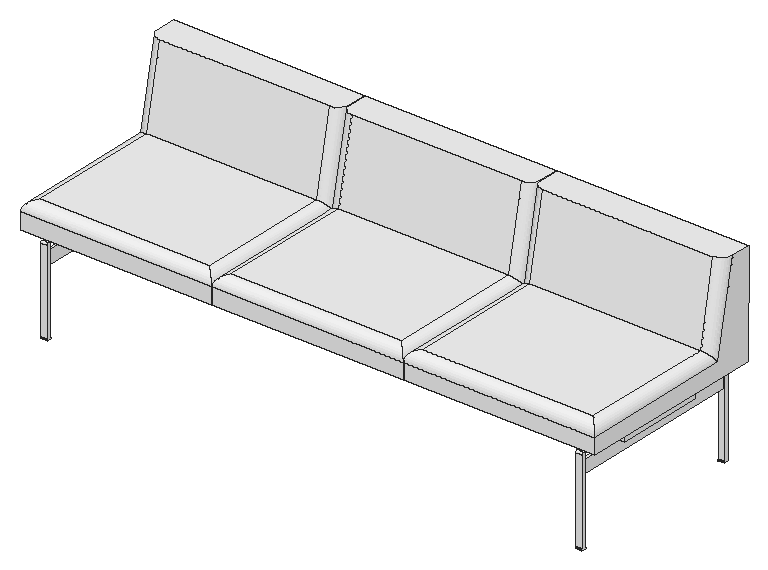
Revit family "FU_LAPSE 0030", category Furniture, Revit 2017
Family settings
  OmniClass Number = 23.40.20.00
  OmniClass Title = General Furniture and Specialties
  Work Plane-Based = No
  Always vertical = Yes
  Cut with Voids When Loaded = No
  Shared = No
  Room Calculation Point = No
Reference planes
  plane 1 "Center (Front/Back)": y = 0
  plane 2: z = 0
  plane 3 "Center (Left/Right)": x = 0
Dimensions and locks
  aligned and locked: level to plane 2
Nested families
  nested 1: "FU_LAPSE 0020 FRAME" at (0, 0, 0), type "FU_LAPSE 0020 FRAME"
    with Frame Width 2010 mm
  nested 2: "FU_LAPSE 0200TA-Upholstered Seat" at (-720, 0, 350), type "FU_LAPSE 0200TA-Upholstered Seat"
  nested 3: "FU_LAPSE 0200TA-Upholstered Seat" at (0, 0, 350), type "FU_LAPSE 0200TA-Upholstered Seat"
  nested 4: "FU_LAPSE 0200TA-Upholstered Seat" at (720, 0, 350), type "FU_LAPSE 0200TA-Upholstered Seat"
Definition of nested family "FU_LAPSE 0020 FRAME"
  Parameters (values of type "FU_LAPSE 0020 FRAME")
    Material = none
    Frame Width = 1290 mm
  Reference planes
    plane 1 "Center (Front/Back)": y = 0
    plane 2: z = 0
    plane 3 "Center (Left/Right)": x = 0
    plane 4: x = -645
    plane 5: x = 645
    plane 6: z = 350
    plane 7: y = -340
    plane 8: y = -330
    plane 9: z = 2.5
    plane 10: y = 165
    plane 11: y = -165
    plane 12: x = -675
    plane 13: x = 675
    plane 14: y = 155
    plane 15: x = -665
    plane 16: y = -155
    plane 17: x = 665
  Forms (mm)
    Extrusion 1, solid, material <- "Material"
      sketch origin (0, 0, 0) x (1, 0, 0) y (0, 1, 0)
        loop
          line (675, 165) -> (-675, 165) -> (-675, -165) -> (675, -165) -> (675, 165)
        loop
          line (-665, 155) -> (-665, -155) -> (665, -155) -> (665, 155) -> (-665, 155)
      from 295 to 350
  Dimensions and locks
    plane 3 "Center (Left/Right)" to plane 4 = 645 mm
    equal spacing: plane 4, plane 3 "Center (Left/Right)", plane 5
    "Frame Width": plane 4 to plane 5
    plane 12 to plane 15 to plane 4 = 10 mm locked, 20 mm locked
    plane 5 to plane 17 to plane 13 = 20 mm locked, 10 mm locked
    aligned and locked: level to plane 2
    aligned and locked: plane 4 to nested 1
    aligned and locked: plane 1 "Center (Front/Back)" to nested 1
    aligned and locked: nested 2 to plane 5
    aligned and locked: plane 1 "Center (Front/Back)" to nested 2
  Automatic sketch dimensions
    plane 10 to Extrusion 1 sketch curve = 0 mm
    Extrusion 1 sketch curve to plane 12 = 0 mm
    Extrusion 1 sketch curve to plane 15 = 0 mm
    plane 14 to Extrusion 1 sketch curve = 0 mm
    Extrusion 1 sketch curve to plane 17 = 0 mm
    Extrusion 1 sketch curve to plane 13 = 0 mm
    plane 11 to Extrusion 1 sketch curve = 0 mm
    plane 16 to Extrusion 1 sketch curve = 0 mm
  Nested families
    nested 1: "FU_LAPSE_FRAME 1" at (-645, 0, 0), type "FU_LAPSE_FRAME 1"
    nested 2: "FU_LAPSE_FRAME 1" at (645, 0, 0), type "FU_LAPSE_FRAME 1"
  Definition of nested family "FU_LAPSE_FRAME 1"
    Parameters (values of type "FU_LAPSE_FRAME 1")
      Material = none
    Reference planes
      plane 1 "Center (Front/Back)": y = 0
      plane 2: z = 0
      plane 3 "Center (Left/Right)": x = 0
    Forms (mm)
      Extrusion 1, solid, material <- "Material"
        sketch origin (0, 0, 0) x (0, 1, 0) y (0, 0, 1)
          loop
            arc (-330, 320) -> (-335, 325) -> (-340, 320) r 5
            line (-340, 320) -> (-340, 5)
            arc (-340, 5) -> (-340.732, 3.232) -> (-342.5, 2.5) r 2.5
            line (-342.5, 2.5) -> (-342.5, 0) -> (-327.5, 0) -> (-327.5, 2.5)
            arc (-327.5, 2.5) -> (-329.268, 3.232) -> (-330, 5) r 2.5
            line (-330, 5) -> (-330, 320)
        from 12.5 to -12.5
      Extrusion 2, solid, material <- "Material"
        sketch origin (0, 0, 0) x (0, -1, 0) y (0, 0, -1)
          loop
            line (-330, -320) -> (-330, -5)
            arc (-330, -5) -> (-329.268, -3.232) -> (-327.5, -2.5) r 2.5
            line (-327.5, -2.5) -> (-327.5, 0) -> (-342.5, 0) -> (-342.5, -2.5)
            arc (-342.5, -2.5) -> (-340.732, -3.232) -> (-340, -5) r 2.5
            line (-340, -5) -> (-340, -320)
            arc (-340, -320) -> (-335, -325) -> (-330, -320) r 5
        from 12.5 to -12.5
      Extrusion 3, solid, material <- "Material"
        sketch origin (0, 0, 0) x (0, 1, 0) y (0, 0, 1)
          loop
            line (330, 295) -> (-330, 295) -> (-330, 245) -> (330, 245) -> (330, 295)
        from 5 to -5
    Dimensions and locks
      aligned and locked: level to plane 2
      aligned and locked: Extrusion 3 sketch curve to Extrusion 2
Definition of nested family "FU_LAPSE 0200TA-Upholstered Seat"
  Parameters (values of type "FU_LAPSE 0200TA-Upholstered Seat")
    Material = none
  Reference planes
    plane 1 "Center (Front/Back)": y = 0
    plane 2: z = 0
    plane 3 "Center (Left/Right)": x = 0
    plane 4: x = -360
    plane 5: x = 360
    plane 6: y = -360
    plane 7: y = 360
    plane 8: z = 390
    plane 9: y = 245
    plane 10: z = 100
    plane 11: y = 185
  Forms (mm)
    Extrusion 1, solid, material <- "Material"
      sketch origin (0, 0, 0) x (0, 1, 0) y (0, 0, 1)
        loop
          line (360, 390) -> (245, 390) -> (185, 100) -> (-360, 100) -> (-360, 0) -> (360, 0) -> (360, 390)
      from -360 to 360
    Sweep 2, void
      path origin (-360, 0, 0) x (0, 1, 0) y (0, 0, 1)
        loop
          line (253.886, 432.949) -> (185, 100) -> (-360, 100)
      profile origin (-360, 219.443, 266.474) x (0, 0.97926, -0.202606) y (1, 0, 0)
        loop
          line (0, 0) -> (40, 0)
          arc (40, 0) -> (11.716, 11.716) -> (0, 40) r 40
          line (0, 40) -> (0, 0)
    Sweep 3, void
      path origin (360, 0, 0) x (0, 1, 0) y (0, 0, -1)
        loop
          line (253.886, -432.949) -> (185, -100) -> (-360, -100)
      profile origin (360, 219.443, 266.474) x (0, -0.97926, 0.202606) y (-1, 0, 0)
        loop
          line (0, 0) -> (0, 40)
          arc (0, 40) -> (-11.716, 11.716) -> (-40, 0) r 40
          line (-40, 0) -> (0, 0)
    Sweep 4, void
      path origin (0, -360, 0) x (0, 0, 1) y (-1, 0, 0)
        loop
          line (100, -385) -> (100, 460)
      profile origin (-37.5, -360, 100) x (0, 0, -1) y (0, -1, 0)
        loop
          line (0, 0) -> (0, -40)
          arc (0, -40) -> (11.716, -11.716) -> (40, 0) r 40
          line (40, 0) -> (0, 0)
  Cuts and joins
    Sweep 2, Sweep 3, Sweep 4 cuts Extrusion 1
  Dimensions and locks
    equal spacing: plane 4, plane 3 "Center (Left/Right)", plane 5
    equal spacing: plane 7, plane 1 "Center (Front/Back)", plane 6
    plane 7 to plane 6 = 720 mm
    plane 4 to plane 5 = 720 mm
    plane 8 to level = 390 mm
    aligned and locked: level to plane 2
    aligned and locked: plane 10 to Extrusion 1 sketch curve
  Automatic sketch dimensions
    Extrusion 1 sketch curve to plane 6 = 0 mm
    Extrusion 1 sketch curve to plane 11 = 0 mm
    Extrusion 1 sketch curve to plane 8 = 0 mm
    Extrusion 1 sketch curve to plane 9 = 0 mm
    Extrusion 1 sketch curve to plane 7 = 0 mm
    Extrusion 1 sketch curve to level = 0 mm
    Sweep 2 sketch curve to Extrusion 1 = 0 mm  (x2)
    Extrusion 1 to Sweep 2 sketch curve = 0 mm  (x2)
    Sweep 2 sketch curve to Extrusion 1 = 42.949 mm
    Sweep 2 sketch curve to profile plane = 0 mm  (x2)
    Sweep 2 sketch curve to profile plane = 40 mm
    Sweep 3 sketch curve to plane 6 = 0 mm
    Sweep 3 sketch curve to plane 10 = 0 mm
    Sweep 3 sketch curve to plane 11 = 0 mm
    plane 9 to Sweep 3 sketch curve = 8.886 mm
    plane 8 to Sweep 3 sketch curve = 42.949 mm
    Sweep 3 sketch curve to profile plane = 0 mm
    profile plane to Sweep 3 sketch curve = 0 mm
    profile plane to Sweep 3 sketch curve = 40 mm
    Sweep 4 sketch curve to profile plane = 0 mm  (x2)
    Sweep 4 sketch curve to profile plane = 40 mm
    Sweep 4 sketch curve to Extrusion 1 = 0 mm
    Sweep 4 sketch curve to Extrusion 1 = 25 mm
    Sweep 4 sketch curve to Extrusion 1 = 100 mm
